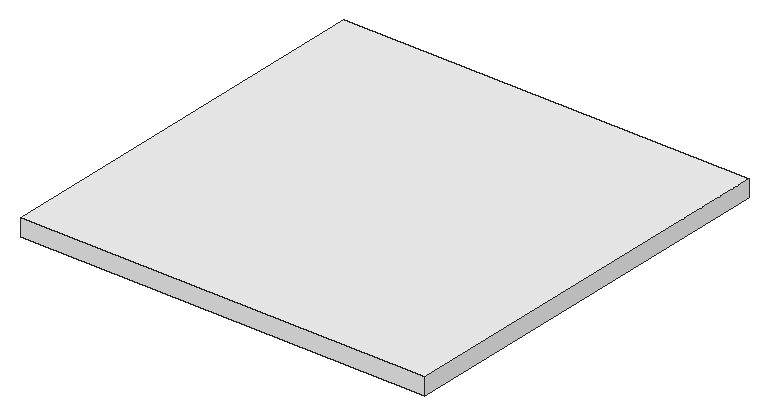
Revit family "Poly Max - Ceiling Tiles", category Specialty Equipment, Revit 2023
Family settings
  Round Connector Dimension = Use Diameter
  Part Type = Normal
  OmniClass Number = 23.35.00.00
  OmniClass Title = Covering, Cladding, and Finishes
  Work Plane-Based = Yes
  Enable Cutting in Views = Yes
  Always vertical = No
  Cut with Voids When Loaded = No
  Maintain Annotation Orientation = No
  Shared = No
  Room Calculation Point = No
Parameters (values of type "1 INCH THICK - 2x2 - White")
  ‍      1. Thickness 1" = Thickness Options = 1  # yes
  ‍      0. Thickness 1/2" = Thickness Options = 0  # no
  URL = "https://www.acousticalsurfaces.com/poly-max/ceiling-tile/"
  Type Comments = "Acoustic Panels"
  Thickness Options = 1
  T = if(Thickness Options = 0, 0' 0 1/2", 0' 0") + if(Thickness Options = 1, 0' 1", 0' 0") + if(Thickness Options = 2, 0' 2", 0' 0")  # 0' - 1"
  Recycled Content Percentage = "0%"
  Model = "Poly Max - Ceiling Panels"
  Material = "Poly Max"
  Manufacturer = "Acoustical Surfaces, Inc."
  Fire Rating = "ASTM E84 - Class A"
  Finish = Paint - Acoustical-Surfaces - White
  Width = 1' - 11 3/4"
  Length = 1' - 11 3/4"
  Description = "Acoustic Panels"
  Default Elevation = 4' - 0"
  Assembly Code = "C30"
  Acoustics - NRC = "Sound absorption varies from NRC 0.45 to 0.95 based on installation method used when tested per ASTM C423."
  A = 0' - 0"
Types (54): name | ‍      1. Thickness 1" | ‍      0. Thickness 1/2" | Thickness Options | T | Finish | Width | Length
  1 INCH THICK - 2x2 - White | yes | no | 1 | 0' - 1" | Paint - Acoustical-Surfaces - White | 1' - 11 3/4" | 1' - 11 3/4"
  1 INCH THICK - 2x2 - Beige | yes | no | 1 | 0' - 1" | Paint - Acoustical-Surfaces - Beige | 1' - 11 3/4" | 1' - 11 3/4"
  1 INCH THICK - 2x2- Silver | yes | no | 1 | 0' - 1" | Paint - Acoustical-Surfaces - Silver | 1' - 11 3/4" | 1' - 11 3/4"
  1 INCH THICK - 2x2 - Black | yes | no | 1 | 0' - 1" | Paint - Acoustical-Surfaces - Black | 1' - 11 3/4" | 1' - 11 3/4"
  1 INCH THICK - 2x2 - Printed Graphics | yes | no | 1 | 0' - 1" | Paint - Acoustical-Surfaces - Printed Graphics | 1' - 11 3/4" | 1' - 11 3/4"
  HALF INCH THICK - 2x2 - Orange | no | yes | 0 | 0' - 0 1/2" | Paint - Acoustical-Surfaces - Orange | 1' - 11 3/4" | 1' - 11 3/4"
  HALF INCH THICK - 2x2 - Grey | no | yes | 0 | 0' - 0 1/2" | Paint - Acoustical-Surfaces - Grey | 1' - 11 3/4" | 1' - 11 3/4"
  HALF INCH THICK - 2x2 -White | no | yes | 0 | 0' - 0 1/2" | Paint - Acoustical-Surfaces - White | 1' - 11 3/4" | 1' - 11 3/4"
  HALF INCH THICK - 2x2 - Black | no | yes | 0 | 0' - 0 1/2" | Paint - Acoustical-Surfaces - Black | 1' - 11 3/4" | 1' - 11 3/4"
  HALF INCH THICK - 2x2 - Beige | no | yes | 0 | 0' - 0 1/2" | Paint - Acoustical-Surfaces - Beige | 1' - 11 3/4" | 1' - 11 3/4"
  HALF INCH THICK - 2x2 - Printed Graphics | no | yes | 0 | 0' - 0 1/2" | Paint - Acoustical-Surfaces - Printed Graphics | 1' - 11 3/4" | 1' - 11 3/4"
  HALF INCH THICK - 2x2 - Blue | no | yes | 0 | 0' - 0 1/2" | Paint - Acoustical-Surfaces - Blue | 1' - 11 3/4" | 1' - 11 3/4"
  HALF INCH THICK - 2x2 - Tan | no | yes | 0 | 0' - 0 1/2" | Paint - Acoustical-Surfaces - Tan | 1' - 11 3/4" | 1' - 11 3/4"
  HALF INCH THICK - 2x2 - Purple | no | yes | 0 | 0' - 0 1/2" | Paint - Acoustical-Surfaces - Purple | 1' - 11 3/4" | 1' - 11 3/4"
  HALF INCH THICK - 2x2 - Brown | no | yes | 0 | 0' - 0 1/2" | Paint - Acoustical-Surfaces - Brown | 1' - 11 3/4" | 1' - 11 3/4"
  HALF INCH THICK - 2x2 - Red | no | yes | 0 | 0' - 0 1/2" | Paint - Acoustical-Surfaces - Red | 1' - 11 3/4" | 1' - 11 3/4"
  HALF INCH THICK - 2x2 - Silver | no | yes | 0 | 0' - 0 1/2" | Paint - Acoustical-Surfaces - Silver | 1' - 11 3/4" | 1' - 11 3/4"
  HALF INCH THICK - 4x8 - Printed Grpahics | no | yes | 0 | 0' - 0 1/2" | Paint - Acoustical-Surfaces - Printed Graphics | 4' - 0" | 8' - 0"
  HALF INCH THICK - 4x8 - Lime | no | yes | 0 | 0' - 0 1/2" | Paint - Acoustical-Surfaces - Lime | 4' - 0" | 8' - 0"
  HALF INCH THICK - 4x8 - Orange | no | yes | 0 | 0' - 0 1/2" | Paint - Acoustical-Surfaces - Orange | 4' - 0" | 8' - 0"
  HALF INCH THICK - 4x8 - Red | no | yes | 0 | 0' - 0 1/2" | Paint - Acoustical-Surfaces - Red | 4' - 0" | 8' - 0"
  HALF INCH THICK - 4x8 - Purple | no | yes | 0 | 0' - 0 1/2" | Paint - Acoustical-Surfaces - Purple | 4' - 0" | 8' - 0"
  HALF INCH THICK - 4x8 - Blue | no | yes | 0 | 0' - 0 1/2" | Paint - Acoustical-Surfaces - Blue | 4' - 0" | 8' - 0"
  HALF INCH THICK - 4x8 - Black | no | yes | 0 | 0' - 0 1/2" | Paint - Acoustical-Surfaces - Black | 4' - 0" | 8' - 0"
  HALF INCH THICK - 4x8 - Grey | no | yes | 0 | 0' - 0 1/2" | Paint - Acoustical-Surfaces - Grey | 4' - 0" | 8' - 0"
  HALF INCH THICK - 4x8 - Silver | no | yes | 0 | 0' - 0 1/2" | Paint - Acoustical-Surfaces - Silver | 4' - 0" | 8' - 0"
  HALF INCH THICK - 4x8 - Brown | no | yes | 0 | 0' - 0 1/2" | Paint - Acoustical-Surfaces - Brown | 4' - 0" | 8' - 0"
  HALF INCH THICK - 4x8 - Tan | no | yes | 0 | 0' - 0 1/2" | Paint - Acoustical-Surfaces - Tan | 4' - 0" | 8' - 0"
  HALF INCH THICK - 4x8 - Beige | no | yes | 0 | 0' - 0 1/2" | Paint - Acoustical-Surfaces - Beige | 4' - 0" | 8' - 0"
  HALF INCH THICK - 4x8 - White | no | yes | 0 | 0' - 0 1/2" | Paint - Acoustical-Surfaces - White | 4' - 0" | 8' - 0"
  HALF INCH THICK - 2x4 - Tan | no | yes | 0 | 0' - 0 1/2" | Paint - Acoustical-Surfaces - Tan | 1' - 11 3/4" | 3' - 11 3/4"
  HALF INCH THICK - 2x4 - Brown | no | yes | 0 | 0' - 0 1/2" | Paint - Acoustical-Surfaces - Brown | 1' - 11 3/4" | 3' - 11 3/4"
  HALF INCH THICK - 2x4 - Grey | no | yes | 0 | 0' - 0 1/2" | Paint - Acoustical-Surfaces - Grey | 1' - 11 3/4" | 3' - 11 3/4"
  HALF INCH THICK - 2x4 - Blue | no | yes | 0 | 0' - 0 1/2" | Paint - Acoustical-Surfaces - Blue | 1' - 11 3/4" | 3' - 11 3/4"
  HALF INCH THICK - 2x4 - Purple | no | yes | 0 | 0' - 0 1/2" | Paint - Acoustical-Surfaces - Purple | 1' - 11 3/4" | 3' - 11 3/4"
  HALF INCH THICK - 2x4 - Red | no | yes | 0 | 0' - 0 1/2" | Paint - Acoustical-Surfaces - Red | 1' - 11 3/4" | 3' - 11 3/4"
  HALF INCH THICK - 2x4 - Orange | no | yes | 0 | 0' - 0 1/2" | Paint - Acoustical-Surfaces - Orange | 1' - 11 3/4" | 3' - 11 3/4"
  HALF INCH THICK - 2x4 - Printed Graphics | no | yes | 0 | 0' - 0 1/2" | Paint - Acoustical-Surfaces - Printed Graphics | 1' - 11 3/4" | 3' - 11 3/4"
  HALF INCH THICK - 2x4 - Black | no | yes | 0 | 0' - 0 1/2" | Paint - Acoustical-Surfaces - Black | 1' - 11 3/4" | 3' - 11 3/4"
  HALF INCH THICK - 2x4 - Silver | no | yes | 0 | 0' - 0 1/2" | Paint - Acoustical-Surfaces - Silver | 1' - 11 3/4" | 3' - 11 3/4"
  HALF INCH THICK - 2x4 - Beige | no | yes | 0 | 0' - 0 1/2" | Paint - Acoustical-Surfaces - Beige | 1' - 11 3/4" | 3' - 11 3/4"
  1 INCH THICK - 4x8 - Printed Grpahics | yes | no | 1 | 0' - 1" | Paint - Acoustical-Surfaces - Printed Graphics | 4' - 0" | 8' - 0"
  1 INCH THICK - 4x8 - Silver | yes | no | 1 | 0' - 1" | Paint - Acoustical-Surfaces - Silver | 4' - 0" | 8' - 0"
  1 INCH THICK - 4x8 - Black | yes | no | 1 | 0' - 1" | Paint - Acoustical-Surfaces - Black | 4' - 0" | 8' - 0"
  1 INCH THICK - 4x8 - White | yes | no | 1 | 0' - 1" | Paint - Acoustical-Surfaces - White | 4' - 0" | 8' - 0"
  1 INCH THICK - 2x4- Silver | yes | no | 1 | 0' - 1" | Paint - Acoustical-Surfaces - Silver | 1' - 11 3/4" | 3' - 11 3/4"
  1 INCH THICK - 2x4 - Black | yes | no | 1 | 0' - 1" | Paint - Acoustical-Surfaces - Black | 1' - 11 3/4" | 3' - 11 3/4"
  1 INCH THICK - 2x4 - Beige | yes | no | 1 | 0' - 1" | Paint - Acoustical-Surfaces - Beige | 1' - 11 3/4" | 3' - 11 3/4"
  1 INCH THICK - 2x4 - White | yes | no | 1 | 0' - 1" | Paint - Acoustical-Surfaces - White | 1' - 11 3/4" | 3' - 11 3/4"
  1 INCH THICK - 2x4 - Printed Graphics | yes | no | 1 | 0' - 1" | Paint - Acoustical-Surfaces - Printed Graphics | 1' - 11 3/4" | 3' - 11 3/4"
  HALF INCH THICK - 2x2 - Lime | no | yes | 0 | 0' - 0 1/2" | Paint - Acoustical-Surfaces - Lime | 1' - 11 3/4" | 1' - 11 3/4"
  HALF INCH THICK - 2x4 - Lime | no | yes | 0 | 0' - 0 1/2" | Paint - Acoustical-Surfaces - Lime | 1' - 11 3/4" | 3' - 11 3/4"
  HALF INCH THICK - 2x4 - White | no | yes | 0 | 0' - 0 1/2" | Paint - Acoustical-Surfaces - White | 1' - 11 3/4" | 3' - 11 3/4"
  1 INCH THICK - 4x8 - Beige | yes | no | 1 | 0' - 1" | Paint - Acoustical-Surfaces - Beige | 4' - 0" | 8' - 0"
Reference planes (in)
  plane 1 "Center (Front/Back)": y = 0
  plane 2: z = 0
  plane 3 "Center (Left/Right)": x = 0
  plane 4: x = -11.875
  plane 5: x = 11.875
  plane 6: y = 11.875
  plane 7: y = -11.875
Dimensions and locks (in)
  "A": nested 1 to level
  equal spacing: plane 4, plane 3 "Center (Left/Right)", plane 5
  equal spacing: plane 6, plane 1 "Center (Front/Back)", plane 7
  "Width": plane 6 to plane 7
  "Length": plane 4 to plane 5
  aligned and locked: level to plane 2
Nested families (in)
  nested 1: "Square" at (0, 0, 0), type "Square"
    with B 1' - 11 3/4", A 1' - 11 3/4"
Definition of nested family "Square"
  Parameters (values of type "Square")
    Thickness = 0' - 1"
    Material = none
    Default Elevation = 0' - 0"
    B = 2' - 0"
    A = 4' - 0"
  Reference planes (in)
    plane 1 "Center (Front/Back)": y = 0
    plane 2: z = 0
    plane 3 "Center (Left/Right)": x = 0
    plane 4: x = -24
    plane 5: x = 24
    plane 6: y = 12
    plane 7: y = -12
    plane 8: z = 1
  Forms (in)
    Extrusion 1, solid, material <- "Material"
      sketch origin (0, 0, 0) x (1, 0, 0) y (0, 1, 0)
        loop
          line (24, 12) -> (-24, 12) -> (-24, -12) -> (24, -12) -> (24, 12)
      from 0 to 1
  Dimensions and locks (in)
    equal spacing: plane 4, plane 3 "Center (Left/Right)", plane 5
    equal spacing: plane 7, plane 1 "Center (Front/Back)", plane 6
    "B": plane 7 to plane 6
    "A": plane 4 to plane 5
    "Thickness": plane 8 to level
    aligned and locked: level to plane 2
    aligned and locked: Extrusion 1 sketch curve to plane 4
    aligned and locked: plane 5 to Extrusion 1 sketch curve
    aligned and locked: Extrusion 1 sketch curve to plane 6
    aligned and locked: Extrusion 1 sketch curve to plane 7
    aligned and locked: Extrusion 1 to plane 8
